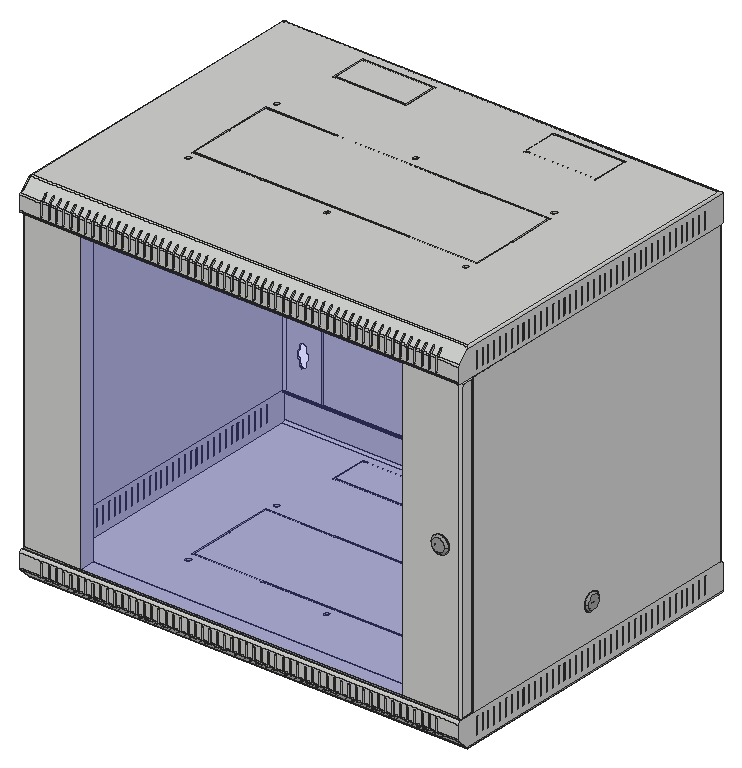
Revit family "600х450", category Обобщенные модели, Revit 2019 (continued)
Definition of nested family "Крышка 450"
  Forms (mm)
    Extrusion 88, void, detail levels medium+fine
      sketch origin (-92.566, 67.262, 0) x (1, 0, 0) y (0, 1, 0)
        loop
          arc (34.066, 172.333) -> (32.566, 173.833) -> (31.066, 172.333) r 1.5
      from 440 to 450 <- "Глубина"
    Extrusion 89, void, detail levels medium+fine
      sketch origin (-82.566, 67.262, 0) x (1, 0, 0) y (0, 1, 0)
        loop
          line (31.066, 172.333) -> (31.066, 148.933)
          arc (31.066, 148.933) -> (32.566, 147.433) -> (34.066, 148.933) r 1.5
          line (34.066, 148.933) -> (34.066, 172.333)
          arc (34.066, 172.333) -> (32.566, 173.833) -> (31.066, 172.333) r 1.5
      from 440 to 450 <- "Глубина"
    Extrusion 90, void, detail levels medium+fine
      sketch origin (-72.566, 67.262, 0) x (1, 0, 0) y (0, 1, 0)
        loop
          line (31.066, 172.333) -> (31.066, 148.933)
          arc (31.066, 148.933) -> (32.566, 147.433) -> (34.066, 148.933) r 1.5
          line (34.066, 148.933) -> (34.066, 172.333)
          arc (34.066, 172.333) -> (32.566, 173.833) -> (31.066, 172.333) r 1.5
      from 440 to 450 <- "Глубина"
    Extrusion 91, void, detail levels medium+fine
      sketch origin (-62.566, 67.262, 0) x (1, 0, 0) y (0, 1, 0)
        loop
          line (31.066, 172.333) -> (31.066, 148.933)
          arc (31.066, 148.933) -> (32.566, 147.433) -> (34.066, 148.933) r 1.5
          line (34.066, 148.933) -> (34.066, 172.333)
          arc (34.066, 172.333) -> (32.566, 173.833) -> (31.066, 172.333) r 1.5
      from 440 to 450 <- "Глубина"
    Extrusion 92, void, detail levels medium+fine
      sketch origin (-52.566, 67.262, 0) x (1, 0, 0) y (0, 1, 0)
        loop
          line (31.066, 172.333) -> (31.066, 148.933)
          arc (31.066, 148.933) -> (32.566, 147.433) -> (34.066, 148.933) r 1.5
          line (34.066, 148.933) -> (34.066, 172.333)
          arc (34.066, 172.333) -> (32.566, 173.833) -> (31.066, 172.333) r 1.5
      from 440 to 450 <- "Глубина"
    Extrusion 93, void, detail levels medium+fine
      sketch origin (-42.566, 67.262, 0) x (1, 0, 0) y (0, 1, 0)
        loop
          line (31.066, 172.333) -> (31.066, 148.933)
          arc (31.066, 148.933) -> (32.566, 147.433) -> (34.066, 148.933) r 1.5
          line (34.066, 148.933) -> (34.066, 172.333)
          arc (34.066, 172.333) -> (32.566, 173.833) -> (31.066, 172.333) r 1.5
      from 440 to 450 <- "Глубина"
    Extrusion 94, void, detail levels medium+fine
      sketch origin (-32.566, 67.262, 0) x (1, 0, 0) y (0, 1, 0)
        loop
          line (31.066, 172.333) -> (31.066, 148.933)
          arc (31.066, 148.933) -> (32.566, 147.433) -> (34.066, 148.933) r 1.5
          line (34.066, 148.933) -> (34.066, 172.333)
          arc (34.066, 172.333) -> (32.566, 173.833) -> (31.066, 172.333) r 1.5
      from 440 to 450 <- "Глубина"
    Extrusion 95, void, detail levels medium+fine
      sketch origin (-22.566, 67.262, 0) x (1, 0, 0) y (0, 1, 0)
        loop
          line (31.066, 172.333) -> (31.066, 148.933)
          arc (31.066, 148.933) -> (32.566, 147.433) -> (34.066, 148.933) r 1.5
          line (34.066, 148.933) -> (34.066, 172.333)
          arc (34.066, 172.333) -> (32.566, 173.833) -> (31.066, 172.333) r 1.5
      from 440 to 450 <- "Глубина"
    Extrusion 96, void, detail levels medium+fine
      sketch origin (-12.566, 67.262, 0) x (1, 0, 0) y (0, 1, 0)
        loop
          line (31.066, 172.333) -> (31.066, 148.933)
          arc (31.066, 148.933) -> (32.566, 147.433) -> (34.066, 148.933) r 1.5
          line (34.066, 148.933) -> (34.066, 172.333)
          arc (34.066, 172.333) -> (32.566, 173.833) -> (31.066, 172.333) r 1.5
      from 440 to 450 <- "Глубина"
    Extrusion 97, void, detail levels medium+fine
      sketch origin (-2.566, 67.262, 0) x (1, 0, 0) y (0, 1, 0)
        loop
          line (31.066, 172.333) -> (31.066, 148.933)
          arc (31.066, 148.933) -> (32.566, 147.433) -> (34.066, 148.933) r 1.5
          line (34.066, 148.933) -> (34.066, 172.333)
          arc (34.066, 172.333) -> (32.566, 173.833) -> (31.066, 172.333) r 1.5
      from 440 to 450 <- "Глубина"
    Extrusion 98, void, detail levels medium+fine
      sketch origin (7.434, 67.262, 0) x (1, 0, 0) y (0, 1, 0)
        loop
          line (31.066, 172.333) -> (31.066, 148.933)
          arc (31.066, 148.933) -> (32.566, 147.433) -> (34.066, 148.933) r 1.5
          line (34.066, 148.933) -> (34.066, 172.333)
          arc (34.066, 172.333) -> (32.566, 173.833) -> (31.066, 172.333) r 1.5
      from 440 to 450 <- "Глубина"
    Extrusion 99, void, detail levels medium+fine
      sketch origin (17.434, 67.262, 0) x (1, 0, 0) y (0, 1, 0)
        loop
          line (31.066, 172.333) -> (31.066, 148.933)
          arc (31.066, 148.933) -> (32.566, 147.433) -> (34.066, 148.933) r 1.5
          line (34.066, 148.933) -> (34.066, 172.333)
          arc (34.066, 172.333) -> (32.566, 173.833) -> (31.066, 172.333) r 1.5
      from 440 to 450 <- "Глубина"
    Extrusion 100, void, detail levels medium+fine
      sketch origin (27.434, 67.262, 0) x (1, 0, 0) y (0, 1, 0)
        loop
          line (31.066, 172.333) -> (31.066, 148.933)
          arc (31.066, 148.933) -> (32.566, 147.433) -> (34.066, 148.933) r 1.5
          line (34.066, 148.933) -> (34.066, 172.333)
          arc (34.066, 172.333) -> (32.566, 173.833) -> (31.066, 172.333) r 1.5
      from 440 to 450 <- "Глубина"
    Extrusion 101, void, detail levels medium+fine
      sketch origin (37.434, 67.262, 0) x (1, 0, 0) y (0, 1, 0)
        loop
          line (31.066, 172.333) -> (31.066, 148.933)
          arc (31.066, 148.933) -> (32.566, 147.433) -> (34.066, 148.933) r 1.5
          line (34.066, 148.933) -> (34.066, 172.333)
          arc (34.066, 172.333) -> (32.566, 173.833) -> (31.066, 172.333) r 1.5
      from 440 to 450 <- "Глубина"
    Extrusion 102, void, detail levels medium+fine
      sketch origin (47.434, 67.262, 0) x (1, 0, 0) y (0, 1, 0)
        loop
          line (31.066, 172.333) -> (31.066, 148.933)
          arc (31.066, 148.933) -> (32.566, 147.433) -> (34.066, 148.933) r 1.5
          line (34.066, 148.933) -> (34.066, 172.333)
          arc (34.066, 172.333) -> (32.566, 173.833) -> (31.066, 172.333) r 1.5
      from 440 to 450 <- "Глубина"
    Extrusion 103, void, detail levels medium+fine
      sketch origin (57.434, 67.262, 0) x (1, 0, 0) y (0, 1, 0)
        loop
          line (31.066, 172.333) -> (31.066, 148.933)
          arc (31.066, 148.933) -> (32.566, 147.433) -> (34.066, 148.933) r 1.5
          line (34.066, 148.933) -> (34.066, 172.333)
          arc (34.066, 172.333) -> (32.566, 173.833) -> (31.066, 172.333) r 1.5
      from 440 to 450 <- "Глубина"
    Extrusion 104, void, detail levels medium+fine
      sketch origin (67.434, 67.262, 0) x (1, 0, 0) y (0, 1, 0)
        loop
          line (31.066, 172.333) -> (31.066, 148.933)
          arc (31.066, 148.933) -> (32.566, 147.433) -> (34.066, 148.933) r 1.5
          line (34.066, 148.933) -> (34.066, 172.333)
          arc (34.066, 172.333) -> (32.566, 173.833) -> (31.066, 172.333) r 1.5
      from 440 to 450 <- "Глубина"
    Extrusion 105, void, detail levels medium+fine
      sketch origin (77.434, 67.262, 0) x (1, 0, 0) y (0, 1, 0)
        loop
          line (31.066, 172.333) -> (31.066, 148.933)
          arc (31.066, 148.933) -> (32.566, 147.433) -> (34.066, 148.933) r 1.5
          line (34.066, 148.933) -> (34.066, 172.333)
          arc (34.066, 172.333) -> (32.566, 173.833) -> (31.066, 172.333) r 1.5
      from 440 to 450 <- "Глубина"
    Extrusion 106, void, detail levels medium+fine
      sketch origin (87.434, 67.262, 0) x (1, 0, 0) y (0, 1, 0)
        loop
          line (31.066, 172.333) -> (31.066, 148.933)
          arc (31.066, 148.933) -> (32.566, 147.433) -> (34.066, 148.933) r 1.5
          line (34.066, 148.933) -> (34.066, 172.333)
          arc (34.066, 172.333) -> (32.566, 173.833) -> (31.066, 172.333) r 1.5
      from 440 to 450 <- "Глубина"
    Extrusion 107, void, detail levels medium+fine
      sketch origin (97.434, 67.262, 0) x (1, 0, 0) y (0, 1, 0)
        loop
          line (31.066, 172.333) -> (31.066, 148.933)
          arc (31.066, 148.933) -> (32.566, 147.433) -> (34.066, 148.933) r 1.5
          line (34.066, 148.933) -> (34.066, 172.333)
          arc (34.066, 172.333) -> (32.566, 173.833) -> (31.066, 172.333) r 1.5
      from 440 to 450 <- "Глубина"
    Extrusion 108, void, detail levels medium+fine
      sketch origin (107.434, 67.262, 0) x (1, 0, 0) y (0, 1, 0)
        loop
          line (31.066, 172.333) -> (31.066, 148.933)
          arc (31.066, 148.933) -> (32.566, 147.433) -> (34.066, 148.933) r 1.5
          line (34.066, 148.933) -> (34.066, 172.333)
          arc (34.066, 172.333) -> (32.566, 173.833) -> (31.066, 172.333) r 1.5
      from 440 to 450 <- "Глубина"
    Extrusion 109, void, detail levels medium+fine
      sketch origin (117.434, 67.262, 0) x (1, 0, 0) y (0, 1, 0)
        loop
          line (31.066, 172.333) -> (31.066, 148.933)
          arc (31.066, 148.933) -> (32.566, 147.433) -> (34.066, 148.933) r 1.5
          line (34.066, 148.933) -> (34.066, 172.333)
          arc (34.066, 172.333) -> (32.566, 173.833) -> (31.066, 172.333) r 1.5
      from 440 to 450 <- "Глубина"
    Extrusion 110, void, detail levels medium+fine
      sketch origin (127.434, 67.262, 0) x (1, 0, 0) y (0, 1, 0)
        loop
          line (31.066, 172.333) -> (31.066, 148.933)
          arc (31.066, 148.933) -> (32.566, 147.433) -> (34.066, 148.933) r 1.5
          line (34.066, 148.933) -> (34.066, 172.333)
          arc (34.066, 172.333) -> (32.566, 173.833) -> (31.066, 172.333) r 1.5
      from 440 to 450 <- "Глубина"
    Extrusion 111, void, detail levels medium+fine
      sketch origin (137.434, 67.262, 0) x (1, 0, 0) y (0, 1, 0)
        loop
          line (31.066, 172.333) -> (31.066, 148.933)
          arc (31.066, 148.933) -> (32.566, 147.433) -> (34.066, 148.933) r 1.5
          line (34.066, 148.933) -> (34.066, 172.333)
          arc (34.066, 172.333) -> (32.566, 173.833) -> (31.066, 172.333) r 1.5
      from 440 to 450 <- "Глубина"
    Extrusion 112, void, detail levels medium+fine
      sketch origin (147.434, 67.262, 0) x (1, 0, 0) y (0, 1, 0)
        loop
          line (31.066, 172.333) -> (31.066, 148.933)
          arc (31.066, 148.933) -> (32.566, 147.433) -> (34.066, 148.933) r 1.5
          line (34.066, 148.933) -> (34.066, 172.333)
          arc (34.066, 172.333) -> (32.566, 173.833) -> (31.066, 172.333) r 1.5
      from 440 to 450 <- "Глубина"
    Extrusion 113, void, detail levels medium+fine
      sketch origin (157.434, 67.262, 0) x (1, 0, 0) y (0, 1, 0)
        loop
          line (31.066, 172.333) -> (31.066, 148.933)
          arc (31.066, 148.933) -> (32.566, 147.433) -> (34.066, 148.933) r 1.5
          line (34.066, 148.933) -> (34.066, 172.333)
          arc (34.066, 172.333) -> (32.566, 173.833) -> (31.066, 172.333) r 1.5
      from 440 to 450 <- "Глубина"
    Extrusion 114, void, detail levels medium+fine
      sketch origin (167.434, 67.262, 0) x (1, 0, 0) y (0, 1, 0)
        loop
          line (31.066, 172.333) -> (31.066, 148.933)
          arc (31.066, 148.933) -> (32.566, 147.433) -> (34.066, 148.933) r 1.5
          line (34.066, 148.933) -> (34.066, 172.333)
          arc (34.066, 172.333) -> (32.566, 173.833) -> (31.066, 172.333) r 1.5
      from 440 to 450 <- "Глубина"
    Extrusion 115, void, detail levels medium+fine
      sketch origin (177.434, 67.262, 0) x (1, 0, 0) y (0, 1, 0)
        loop
          line (31.066, 172.333) -> (31.066, 148.933)
          arc (31.066, 148.933) -> (32.566, 147.433) -> (34.066, 148.933) r 1.5
          line (34.066, 148.933) -> (34.066, 172.333)
          arc (34.066, 172.333) -> (32.566, 173.833) -> (31.066, 172.333) r 1.5
      from 440 to 450 <- "Глубина"
    Extrusion 116, void, detail levels medium+fine
      sketch origin (187.434, 67.262, 0) x (1, 0, 0) y (0, 1, 0)
        loop
          line (31.066, 172.333) -> (31.066, 148.933)
          arc (31.066, 148.933) -> (32.566, 147.433) -> (34.066, 148.933) r 1.5
          line (34.066, 148.933) -> (34.066, 172.333)
          arc (34.066, 172.333) -> (32.566, 173.833) -> (31.066, 172.333) r 1.5
      from 440 to 450 <- "Глубина"
    Extrusion 117, void, detail levels medium+fine
      sketch origin (197.434, 67.262, 0) x (1, 0, 0) y (0, 1, 0)
        loop
          line (31.066, 172.333) -> (31.066, 148.933)
          arc (31.066, 148.933) -> (32.566, 147.433) -> (34.066, 148.933) r 1.5
          line (34.066, 148.933) -> (34.066, 172.333)
          arc (34.066, 172.333) -> (32.566, 173.833) -> (31.066, 172.333) r 1.5
      from 440 to 450 <- "Глубина"
    Extrusion 118, void, detail levels medium+fine
      sketch origin (207.434, 67.262, 0) x (1, 0, 0) y (0, 1, 0)
        loop
          line (31.066, 172.333) -> (31.066, 148.933)
          arc (31.066, 148.933) -> (32.566, 147.433) -> (34.066, 148.933) r 1.5
          line (34.066, 148.933) -> (34.066, 172.333)
          arc (34.066, 172.333) -> (32.566, 173.833) -> (31.066, 172.333) r 1.5
      from 440 to 450 <- "Глубина"
    Extrusion 119, void, detail levels medium+fine
      sketch origin (217.434, 67.262, 0) x (1, 0, 0) y (0, 1, 0)
        loop
          line (31.066, 172.333) -> (31.066, 148.933)
          arc (31.066, 148.933) -> (32.566, 147.433) -> (34.066, 148.933) r 1.5
          line (34.066, 148.933) -> (34.066, 172.333)
          arc (34.066, 172.333) -> (32.566, 173.833) -> (31.066, 172.333) r 1.5
      from 440 to 450 <- "Глубина"
    Extrusion 120, void, detail levels medium+fine
      sketch origin (227.434, 67.262, 0) x (1, 0, 0) y (0, 1, 0)
        loop
          line (31.066, 172.333) -> (31.066, 148.933)
          arc (31.066, 148.933) -> (32.566, 147.433) -> (34.066, 148.933) r 1.5
          line (34.066, 148.933) -> (34.066, 172.333)
          arc (34.066, 172.333) -> (32.566, 173.833) -> (31.066, 172.333) r 1.5
      from 440 to 450 <- "Глубина"
    Extrusion 121, void, detail levels medium+fine
      sketch origin (237.434, 67.262, 0) x (1, 0, 0) y (0, 1, 0)
        loop
          line (31.066, 172.333) -> (31.066, 148.933)
          arc (31.066, 148.933) -> (32.566, 147.433) -> (34.066, 148.933) r 1.5
          line (34.066, 148.933) -> (34.066, 172.333)
          arc (34.066, 172.333) -> (32.566, 173.833) -> (31.066, 172.333) r 1.5
      from 440 to 450 <- "Глубина"
    Extrusion 122, void, detail levels medium+fine
      sketch origin (0, 0, -154.506) x (0, 1, 0) y (0, 0, -1)
        loop
          arc (238.196, -426.499) -> (239.942, -424.752) -> (238.196, -423.006) r 1.747
          line (238.196, -423.006) -> (216.196, -423.006)
          arc (216.196, -423.006) -> (214.449, -424.752) -> (216.196, -426.499) r 1.747
          line (216.196, -426.499) -> (238.196, -426.499)
      from 299 to 300
    Extrusion 123, void, detail levels medium+fine
      sketch origin (0, 0, -174.506) x (0, 1, 0) y (0, 0, -1)
        loop
          arc (238.196, -426.499) -> (239.942, -424.752) -> (238.196, -423.006) r 1.747
          line (238.196, -423.006) -> (216.196, -423.006)
          arc (216.196, -423.006) -> (214.449, -424.752) -> (216.196, -426.499) r 1.747
          line (216.196, -426.499) -> (238.196, -426.499)
      from 299 to 300
    Extrusion 124, void, detail levels medium+fine
      sketch origin (0, 0, -164.506) x (0, 1, 0) y (0, 0, -1)
        loop
          arc (238.196, -426.499) -> (239.942, -424.752) -> (238.196, -423.006) r 1.747
          line (238.196, -423.006) -> (216.196, -423.006)
          arc (216.196, -423.006) -> (214.449, -424.752) -> (216.196, -426.499) r 1.747
          line (216.196, -426.499) -> (238.196, -426.499)
      from 299 to 300
    Extrusion 125, void, detail levels medium+fine
      sketch origin (0, 0, -184.506) x (0, 1, 0) y (0, 0, -1)
        loop
          arc (238.196, -426.499) -> (239.942, -424.752) -> (238.196, -423.006) r 1.747
          line (238.196, -423.006) -> (216.196, -423.006)
          arc (216.196, -423.006) -> (214.449, -424.752) -> (216.196, -426.499) r 1.747
          line (216.196, -426.499) -> (238.196, -426.499)
      from 299 to 300
    Extrusion 126, void, detail levels medium+fine
      sketch origin (0, 0, -204.506) x (0, 1, 0) y (0, 0, -1)
        loop
          arc (238.196, -426.499) -> (239.942, -424.752) -> (238.196, -423.006) r 1.747
          line (238.196, -423.006) -> (216.196, -423.006)
          arc (216.196, -423.006) -> (214.449, -424.752) -> (216.196, -426.499) r 1.747
          line (216.196, -426.499) -> (238.196, -426.499)
      from 299 to 300
    Extrusion 127, void, detail levels medium+fine
      sketch origin (0, 0, -194.506) x (0, 1, 0) y (0, 0, -1)
        loop
          arc (238.196, -426.499) -> (239.942, -424.752) -> (238.196, -423.006) r 1.747
          line (238.196, -423.006) -> (216.196, -423.006)
          arc (216.196, -423.006) -> (214.449, -424.752) -> (216.196, -426.499) r 1.747
          line (216.196, -426.499) -> (238.196, -426.499)
      from 299 to 300
    Extrusion 128, void, detail levels medium+fine
      sketch origin (0, 0, -214.506) x (0, 1, 0) y (0, 0, -1)
        loop
          arc (238.196, -426.499) -> (239.942, -424.752) -> (238.196, -423.006) r 1.747
          line (238.196, -423.006) -> (216.196, -423.006)
          arc (216.196, -423.006) -> (214.449, -424.752) -> (216.196, -426.499) r 1.747
          line (216.196, -426.499) -> (238.196, -426.499)
      from 299 to 300
    Extrusion 129, void, detail levels medium+fine
      sketch origin (0, 0, -234.506) x (0, 1, 0) y (0, 0, -1)
        loop
          arc (238.196, -426.499) -> (239.942, -424.752) -> (238.196, -423.006) r 1.747
          line (238.196, -423.006) -> (216.196, -423.006)
          arc (216.196, -423.006) -> (214.449, -424.752) -> (216.196, -426.499) r 1.747
          line (216.196, -426.499) -> (238.196, -426.499)
      from 299 to 300
    Extrusion 130, void, detail levels medium+fine
      sketch origin (0, 0, -224.506) x (0, 1, 0) y (0, 0, -1)
        loop
          arc (238.196, -426.499) -> (239.942, -424.752) -> (238.196, -423.006) r 1.747
          line (238.196, -423.006) -> (216.196, -423.006)
          arc (216.196, -423.006) -> (214.449, -424.752) -> (216.196, -426.499) r 1.747
          line (216.196, -426.499) -> (238.196, -426.499)
      from 299 to 300
    Extrusion 131, void, detail levels medium+fine
      sketch origin (0, 0, -244.506) x (0, 1, 0) y (0, 0, -1)
        loop
          arc (238.196, -426.499) -> (239.942, -424.752) -> (238.196, -423.006) r 1.747
          line (238.196, -423.006) -> (216.196, -423.006)
          arc (216.196, -423.006) -> (214.449, -424.752) -> (216.196, -426.499) r 1.747
          line (216.196, -426.499) -> (238.196, -426.499)
      from 299 to 300
    Extrusion 132, void, detail levels medium+fine
      sketch origin (0, 0, -194.506) x (0, 1, 0) y (0, 0, 1)
        loop
          line (238.196, 426.499) -> (216.196, 426.499)
          arc (216.196, 426.499) -> (214.449, 424.752) -> (216.196, 423.006) r 1.747
          line (216.196, 423.006) -> (238.196, 423.006)
          arc (238.196, 423.006) -> (239.942, 424.752) -> (238.196, 426.499) r 1.747
      from 299 to 300
    Extrusion 133, void, detail levels medium+fine
      sketch origin (0, 0, -184.506) x (0, 1, 0) y (0, 0, 1)
        loop
          line (238.196, 426.499) -> (216.196, 426.499)
          arc (216.196, 426.499) -> (214.449, 424.752) -> (216.196, 423.006) r 1.747
          line (216.196, 423.006) -> (238.196, 423.006)
          arc (238.196, 423.006) -> (239.942, 424.752) -> (238.196, 426.499) r 1.747
      from 299 to 300
    Extrusion 134, void, detail levels medium+fine
      sketch origin (0, 0, -174.506) x (0, 1, 0) y (0, 0, 1)
        loop
          line (238.196, 426.499) -> (216.196, 426.499)
          arc (216.196, 426.499) -> (214.449, 424.752) -> (216.196, 423.006) r 1.747
          line (216.196, 423.006) -> (238.196, 423.006)
          arc (238.196, 423.006) -> (239.942, 424.752) -> (238.196, 426.499) r 1.747
      from 299 to 300
    Extrusion 135, void, detail levels medium+fine
      sketch origin (0, 0, -164.506) x (0, 1, 0) y (0, 0, 1)
        loop
          line (238.196, 426.499) -> (216.196, 426.499)
          arc (216.196, 426.499) -> (214.449, 424.752) -> (216.196, 423.006) r 1.747
          line (216.196, 423.006) -> (238.196, 423.006)
          arc (238.196, 423.006) -> (239.942, 424.752) -> (238.196, 426.499) r 1.747
      from 299 to 300
    Extrusion 136, void, detail levels medium+fine
      sketch origin (0, 0, -154.506) x (0, 1, 0) y (0, 0, 1)
        loop
          line (238.196, 426.499) -> (216.196, 426.499)
          arc (216.196, 426.499) -> (214.449, 424.752) -> (216.196, 423.006) r 1.747
          line (216.196, 423.006) -> (238.196, 423.006)
          arc (238.196, 423.006) -> (239.942, 424.752) -> (238.196, 426.499) r 1.747
      from 299 to 300
    Extrusion 137, void, detail levels medium+fine
      sketch origin (0, 0, -244.506) x (0, 1, 0) y (0, 0, 1)
        loop
          line (238.196, 426.499) -> (216.196, 426.499)
          arc (216.196, 426.499) -> (214.449, 424.752) -> (216.196, 423.006) r 1.747
          line (216.196, 423.006) -> (238.196, 423.006)
          arc (238.196, 423.006) -> (239.942, 424.752) -> (238.196, 426.499) r 1.747
      from 299 to 300
    Extrusion 138, void, detail levels medium+fine
      sketch origin (0, 0, -234.506) x (0, 1, 0) y (0, 0, 1)
        loop
          line (238.196, 426.499) -> (216.196, 426.499)
          arc (216.196, 426.499) -> (214.449, 424.752) -> (216.196, 423.006) r 1.747
          line (216.196, 423.006) -> (238.196, 423.006)
          arc (238.196, 423.006) -> (239.942, 424.752) -> (238.196, 426.499) r 1.747
      from 299 to 300
    Extrusion 139, void, detail levels medium+fine
      sketch origin (0, 0, -224.506) x (0, 1, 0) y (0, 0, 1)
        loop
          line (238.196, 426.499) -> (216.196, 426.499)
          arc (216.196, 426.499) -> (214.449, 424.752) -> (216.196, 423.006) r 1.747
          line (216.196, 423.006) -> (238.196, 423.006)
          arc (238.196, 423.006) -> (239.942, 424.752) -> (238.196, 426.499) r 1.747
      from 299 to 300
    Extrusion 140, void, detail levels medium+fine
      sketch origin (0, 0, -214.506) x (0, 1, 0) y (0, 0, 1)
        loop
          line (238.196, 426.499) -> (216.196, 426.499)
          arc (216.196, 426.499) -> (214.449, 424.752) -> (216.196, 423.006) r 1.747
          line (216.196, 423.006) -> (238.196, 423.006)
          arc (238.196, 423.006) -> (239.942, 424.752) -> (238.196, 426.499) r 1.747
      from 299 to 300
    Extrusion 141, void, detail levels medium+fine
      sketch origin (0, 0, -204.506) x (0, 1, 0) y (0, 0, 1)
        loop
          line (238.196, 426.499) -> (216.196, 426.499)
          arc (216.196, 426.499) -> (214.449, 424.752) -> (216.196, 423.006) r 1.747
          line (216.196, 423.006) -> (238.196, 423.006)
          arc (238.196, 423.006) -> (239.942, 424.752) -> (238.196, 426.499) r 1.747
      from 299 to 300
  Cuts and joins
    Extrusion 3, Extrusion 4, Extrusion 5, Extrusion 6, Extrusion 7, Extrusion 8, Extrusion 9, Extrusion 10, Extrusion 11, Extrusion 12, Extrusion 13, Extrusion 14, Extrusion 15, Extrusion 16, Extrusion 17, Extrusion 18, Extrusion 19, Extrusion 20, Extrusion 21, Extrusion 22, Extrusion 23, Extrusion 24, Extrusion 25, Extrusion 26, Extrusion 27, Extrusion 28, Extrusion 29, Extrusion 30, Extrusion 31, Extrusion 32, Extrusion 33, Extrusion 34, Extrusion 35, Extrusion 36, Extrusion 37, Extrusion 38, Extrusion 39, Extrusion 40, Extrusion 41, Extrusion 42, Extrusion 43, Extrusion 44, Extrusion 45, Extrusion 46, Extrusion 47, Extrusion 48, Extrusion 49, Extrusion 50, Extrusion 51, Extrusion 52, Extrusion 53, Extrusion 54, Extrusion 55, Extrusion 56, Extrusion 57, Extrusion 58, Extrusion 59, Extrusion 60, Extrusion 61, Extrusion 62, Extrusion 63, Extrusion 64, Extrusion 65, Extrusion 66, Extrusion 67, Extrusion 68, Extrusion 69, Extrusion 70, Extrusion 71, Extrusion 72, Extrusion 73, Extrusion 74, Extrusion 75, Extrusion 76, Extrusion 77, Extrusion 78, Extrusion 79, Extrusion 80, Extrusion 81, Extrusion 82, Extrusion 83, Extrusion 84, Extrusion 85, Extrusion 86, Extrusion 87, Extrusion 88, Extrusion 89, Extrusion 90, Extrusion 91, Extrusion 92, Extrusion 93, Extrusion 94, Extrusion 95, Extrusion 96, Extrusion 97, Extrusion 98, Extrusion 99, Extrusion 100, Extrusion 101, Extrusion 102, Extrusion 103, Extrusion 104, Extrusion 105, Extrusion 106, Extrusion 107, Extrusion 108, Extrusion 109, Extrusion 110, Extrusion 111, Extrusion 112, Extrusion 113, Extrusion 114, Extrusion 115, Extrusion 116, Extrusion 117, Extrusion 118, Extrusion 119, Extrusion 120, Extrusion 121, Extrusion 122, Extrusion 123, Extrusion 124, Extrusion 125, Extrusion 126, Extrusion 127, Extrusion 128, Extrusion 129, Extrusion 130, Extrusion 131, Extrusion 132, Extrusion 133, Extrusion 134, Extrusion 135, Extrusion 136, Extrusion 137, Extrusion 138, Extrusion 139, Extrusion 140, Extrusion 141 cuts Extrusion 2
  Lines and regions (mm)
    reference lines
      curve 1: line (-1.5, 227.896, 0) -> (1.5, 227.896, 0)
      curve 2: line (299, 0, 0) -> (299, 0, 450)
      curve 3: line (-299, 0, 450) -> (-299, 0, 0)
  Dimensions and locks
    equal spacing: plane 5, plane 3 "По центру (Влево/Вправо)", plane 4
    "Ширина": plane 5 to plane 4
    "Глубина": Extrusion 1 to plane 8
    locked: Extrusion 2 to plane 6 at 40
    aligned and locked: plane 2 to Extrusion 1
    aligned and locked: level to Extrusion 1
    aligned and locked: Extrusion 2 to level
    aligned and locked: Extrusion 2 to plane 8
    aligned and locked: plane 4 to Extrusion 2
    aligned and locked: Extrusion 2 to plane 5
    aligned and locked: Extrusion 7 to plane 6
    aligned and locked: Extrusion 5 to plane 6
    aligned and locked: plane 4 to Extrusion 5
    aligned and locked: Extrusion 4 to plane 6
    aligned and locked: Extrusion 4 to plane 5
    aligned and locked: curve 2 to Extrusion 8
  Automatic sketch dimensions
    curve 1 to curve 1 = 3 mm
    Extrusion 1 sketch curve to Extrusion 1 sketch curve = 2438.4 mm  (x2)
    Extrusion 2 sketch curve to level = 0 mm
    plane 8 to Extrusion 2 sketch curve = 0 mm
    Extrusion 2 sketch curve to plane 6 = 0 mm
    plane 6 to Extrusion 2 sketch curve = 0.879 mm
    level to Extrusion 2 sketch curve = 3 mm  (x2)
    plane 6 to Extrusion 2 sketch curve = 3 mm
    plane 8 to Extrusion 2 sketch curve = 0.879 mm
    plane 6 to Extrusion 2 sketch curve = 16.098 mm
    Extrusion 2 sketch curve to Extrusion 2 sketch curve = 2.121 mm
    Extrusion 2 sketch curve to Extrusion 2 sketch curve = 34 mm
    Extrusion 2 sketch curve to Extrusion 2 sketch curve = 3 mm
    plane 8 to Extrusion 2 sketch curve = 18.22 mm
    plane 5 to Extrusion 3 sketch curve = 28.5 mm
    Extrusion 3 sketch curve to Extrusion 3 sketch curve = 1.5 mm
    plane 6 to Extrusion 3 sketch curve = 33.804 mm
    plane 6 to Extrusion 3 sketch curve = 10.404 mm
    Extrusion 4 sketch curve to plane 5 = 0 mm  (x2)
    plane 6 to Extrusion 4 sketch curve = 0 mm  (x2)
    plane 5 to Extrusion 4 sketch curve = 3.029 mm
    Extrusion 4 sketch curve to Extrusion 4 sketch curve = 0 mm  (x2)
    Extrusion 5 sketch curve to plane 4 = 0 mm  (x2)
    plane 6 to Extrusion 5 sketch curve = 0 mm  (x2)
    plane 4 to Extrusion 5 sketch curve = 3.029 mm
    Extrusion 5 sketch curve to Extrusion 5 sketch curve = 0 mm  (x2)
    curve 1 to plane 3 "По центру (Влево/Вправо)" = 1.5 mm
    plane 3 "По центру (Влево/Вправо)" to curve 1 = 1.5 mm
    plane 6 to curve 1 = 22.104 mm
    plane 6 to Extrusion 6 sketch curve = 33.804 mm
    plane 6 to Extrusion 6 sketch curve = 11.804 mm
    level to Extrusion 6 sketch curve = 28.5 mm
    Extrusion 6 sketch curve to Extrusion 6 sketch curve = 1.747 mm
    Extrusion 7 sketch curve to plane 3 "По центру (Влево/Вправо)" = 0 mm  (x2)
    Extrusion 7 sketch curve to plane 3 "По центру (Влево/Вправо)" = 80 mm
    Extrusion 7 sketch curve to Extrusion 7 sketch curve = 2 mm  (x16)
    Extrusion 7 sketch curve to Extrusion 7 sketch curve = 1 mm  (x10)
    Extrusion 7 sketch curve to plane 3 "По центру (Влево/Вправо)" = 100 mm  (x2)
    Extrusion 7 sketch curve to Extrusion 7 sketch curve = 94 mm  (x2)
    level to Extrusion 7 sketch curve = 15 mm  (x2)
    Extrusion 7 sketch curve to Extrusion 7 sketch curve = 0 mm  (x17)
    Extrusion 7 sketch curve to Extrusion 7 sketch curve = 9.7 mm  (x2)
    Extrusion 7 sketch curve to Extrusion 7 sketch curve = 88.7 mm  (x2)
    Extrusion 7 sketch curve to Extrusion 7 sketch curve = 3.3 mm  (x3)
    plane 3 "По центру (Влево/Вправо)" to Extrusion 7 sketch curve = 80 mm
    plane 3 "По центру (Влево/Вправо)" to Extrusion 7 sketch curve = 100 mm  (x2)
    Extrusion 7 sketch curve to Extrusion 7 sketch curve = 46 mm  (x2)
    Extrusion 7 sketch curve to Extrusion 7 sketch curve = 84.518 mm  (x3)
    Extrusion 7 sketch curve to Extrusion 7 sketch curve = 12.5 mm  (x5)
    Extrusion 7 sketch curve to Extrusion 7 sketch curve = 60 mm  (x4)
    plane 8 to Extrusion 8 sketch curve = 3.875 mm
    plane 6 to Extrusion 8 sketch curve = 40 mm
    Extrusion 8 sketch curve to Extrusion 8 sketch curve = 0.847 mm  (x2)
    level to Extrusion 8 sketch curve = 0.911 mm
    Extrusion 8 sketch curve to Extrusion 8 sketch curve = 3 mm  (x2)
    Extrusion 8 sketch curve to Extrusion 8 sketch curve = 17.812 mm
    plane 8 to Extrusion 8 sketch curve = 1.753 mm
    Extrusion 8 sketch curve to Extrusion 8 sketch curve = 2.121 mm
    plane 6 to Extrusion 8 sketch curve = 4 mm
    plane 6 to Extrusion 8 sketch curve = 3.997 mm
    plane 6 to Extrusion 8 sketch curve = 1.878 mm
    plane 6 to Extrusion 8 sketch curve = 1 mm
    plane 8 to Extrusion 8 sketch curve = 18.215 mm
    curve 3 to plane 8 = 0 mm
    curve 3 to level = 0 mm
    curve 2 to plane 8 = 0 mm
    curve 2 to level = 0 mm
    plane 5 to curve 3 = 1 mm
    curve 2 to plane 4 = 1 mm
    plane 6 to Extrusion 9 sketch curve = 33.804 mm
    plane 6 to Extrusion 9 sketch curve = 11.804 mm
    level to Extrusion 9 sketch curve = 38.5 mm
    Extrusion 9 sketch curve to Extrusion 9 sketch curve = 1.747 mm
    plane 6 to Extrusion 10 sketch curve = 33.804 mm
    plane 6 to Extrusion 10 sketch curve = 11.804 mm
    level to Extrusion 10 sketch curve = 48.5 mm
    Extrusion 10 sketch curve to Extrusion 10 sketch curve = 1.747 mm
    plane 6 to Extrusion 11 sketch curve = 33.804 mm
    plane 6 to Extrusion 11 sketch curve = 11.804 mm
    level to Extrusion 11 sketch curve = 58.5 mm
    Extrusion 11 sketch curve to Extrusion 11 sketch curve = 1.747 mm
    plane 6 to Extrusion 12 sketch curve = 33.804 mm
    plane 6 to Extrusion 12 sketch curve = 11.804 mm
    level to Extrusion 12 sketch curve = 68.5 mm
    Extrusion 12 sketch curve to Extrusion 12 sketch curve = 1.747 mm
    plane 6 to Extrusion 13 sketch curve = 33.804 mm
    plane 6 to Extrusion 13 sketch curve = 11.804 mm
    level to Extrusion 13 sketch curve = 78.5 mm
    Extrusion 13 sketch curve to Extrusion 13 sketch curve = 1.747 mm
    plane 6 to Extrusion 14 sketch curve = 33.804 mm
    plane 6 to Extrusion 14 sketch curve = 11.804 mm
    level to Extrusion 14 sketch curve = 88.5 mm
    Extrusion 14 sketch curve to Extrusion 14 sketch curve = 1.747 mm
    plane 6 to Extrusion 15 sketch curve = 33.804 mm
    plane 6 to Extrusion 15 sketch curve = 11.804 mm
    level to Extrusion 15 sketch curve = 98.5 mm
    Extrusion 15 sketch curve to Extrusion 15 sketch curve = 1.747 mm
    plane 6 to Extrusion 16 sketch curve = 33.804 mm
    plane 6 to Extrusion 16 sketch curve = 11.804 mm
    level to Extrusion 16 sketch curve = 108.5 mm
    Extrusion 16 sketch curve to Extrusion 16 sketch curve = 1.747 mm
    plane 6 to Extrusion 17 sketch curve = 33.804 mm
    plane 6 to Extrusion 17 sketch curve = 11.804 mm
    level to Extrusion 17 sketch curve = 118.5 mm
    Extrusion 17 sketch curve to Extrusion 17 sketch curve = 1.747 mm
    plane 6 to Extrusion 18 sketch curve = 33.804 mm
    plane 6 to Extrusion 18 sketch curve = 11.804 mm
    level to Extrusion 18 sketch curve = 128.5 mm
    Extrusion 18 sketch curve to Extrusion 18 sketch curve = 1.747 mm
    plane 6 to Extrusion 19 sketch curve = 33.804 mm
    plane 6 to Extrusion 19 sketch curve = 11.804 mm
    level to Extrusion 19 sketch curve = 138.5 mm
    Extrusion 19 sketch curve to Extrusion 19 sketch curve = 1.747 mm
    plane 6 to Extrusion 20 sketch curve = 33.804 mm
    plane 6 to Extrusion 20 sketch curve = 11.804 mm
    level to Extrusion 20 sketch curve = 148.5 mm
    Extrusion 20 sketch curve to Extrusion 20 sketch curve = 1.747 mm
    plane 6 to Extrusion 21 sketch curve = 33.804 mm
    plane 6 to Extrusion 21 sketch curve = 11.804 mm
    level to Extrusion 21 sketch curve = 158.5 mm
    Extrusion 21 sketch curve to Extrusion 21 sketch curve = 1.747 mm
    plane 6 to Extrusion 22 sketch curve = 33.804 mm
    plane 6 to Extrusion 22 sketch curve = 11.804 mm
    level to Extrusion 22 sketch curve = 168.5 mm
    Extrusion 22 sketch curve to Extrusion 22 sketch curve = 1.747 mm
    plane 6 to Extrusion 23 sketch curve = 33.804 mm
    plane 6 to Extrusion 23 sketch curve = 11.804 mm
    plane 8 to Extrusion 23 sketch curve = 171.5 mm
    Extrusion 23 sketch curve to Extrusion 23 sketch curve = 1.747 mm
    plane 6 to Extrusion 24 sketch curve = 33.804 mm
    plane 6 to Extrusion 24 sketch curve = 11.804 mm
    plane 8 to Extrusion 24 sketch curve = 161.5 mm
    Extrusion 24 sketch curve to Extrusion 24 sketch curve = 1.747 mm
    plane 6 to Extrusion 25 sketch curve = 33.804 mm
    plane 6 to Extrusion 25 sketch curve = 11.804 mm
    plane 8 to Extrusion 25 sketch curve = 151.5 mm
    Extrusion 25 sketch curve to Extrusion 25 sketch curve = 1.747 mm
    plane 6 to Extrusion 26 sketch curve = 33.804 mm
    plane 6 to Extrusion 26 sketch curve = 11.804 mm
    plane 8 to Extrusion 26 sketch curve = 141.5 mm
    Extrusion 26 sketch curve to Extrusion 26 sketch curve = 1.747 mm
    plane 6 to Extrusion 27 sketch curve = 33.804 mm
    plane 6 to Extrusion 27 sketch curve = 11.804 mm
    plane 8 to Extrusion 27 sketch curve = 131.5 mm
    Extrusion 27 sketch curve to Extrusion 27 sketch curve = 1.747 mm
    plane 6 to Extrusion 28 sketch curve = 33.804 mm
    plane 6 to Extrusion 28 sketch curve = 11.804 mm
    plane 8 to Extrusion 28 sketch curve = 121.5 mm
    Extrusion 28 sketch curve to Extrusion 28 sketch curve = 1.747 mm
    plane 6 to Extrusion 29 sketch curve = 33.804 mm
    plane 6 to Extrusion 29 sketch curve = 11.804 mm
    plane 8 to Extrusion 29 sketch curve = 111.5 mm
    Extrusion 29 sketch curve to Extrusion 29 sketch curve = 1.747 mm
    plane 6 to Extrusion 30 sketch curve = 33.804 mm
    plane 6 to Extrusion 30 sketch curve = 11.804 mm
    plane 8 to Extrusion 30 sketch curve = 101.5 mm
    Extrusion 30 sketch curve to Extrusion 30 sketch curve = 1.747 mm
    plane 6 to Extrusion 31 sketch curve = 33.804 mm
    plane 6 to Extrusion 31 sketch curve = 11.804 mm
    plane 8 to Extrusion 31 sketch curve = 91.5 mm
    Extrusion 31 sketch curve to Extrusion 31 sketch curve = 1.747 mm
    plane 6 to Extrusion 32 sketch curve = 33.804 mm
    plane 6 to Extrusion 32 sketch curve = 11.804 mm
    plane 8 to Extrusion 32 sketch curve = 81.5 mm
    Extrusion 32 sketch curve to Extrusion 32 sketch curve = 1.747 mm
    plane 6 to Extrusion 33 sketch curve = 33.804 mm
    plane 6 to Extrusion 33 sketch curve = 11.804 mm
    plane 8 to Extrusion 33 sketch curve = 71.5 mm
    Extrusion 33 sketch curve to Extrusion 33 sketch curve = 1.747 mm
    plane 6 to Extrusion 34 sketch curve = 33.804 mm
    plane 6 to Extrusion 34 sketch curve = 11.804 mm
    plane 8 to Extrusion 34 sketch curve = 61.5 mm
    Extrusion 34 sketch curve to Extrusion 34 sketch curve = 1.747 mm
    plane 6 to Extrusion 35 sketch curve = 33.804 mm
    plane 6 to Extrusion 35 sketch curve = 11.804 mm
    plane 8 to Extrusion 35 sketch curve = 51.5 mm
    Extrusion 35 sketch curve to Extrusion 35 sketch curve = 1.747 mm
    plane 6 to Extrusion 36 sketch curve = 33.804 mm
    plane 6 to Extrusion 36 sketch curve = 11.804 mm
    plane 8 to Extrusion 36 sketch curve = 41.5 mm
    Extrusion 36 sketch curve to Extrusion 36 sketch curve = 1.747 mm
    plane 6 to Extrusion 37 sketch curve = 33.804 mm
    plane 6 to Extrusion 37 sketch curve = 11.804 mm
    plane 8 to Extrusion 37 sketch curve = 31.5 mm
    Extrusion 37 sketch curve to Extrusion 37 sketch curve = 1.747 mm
    plane 6 to Extrusion 38 sketch curve = 33.804 mm
    plane 6 to Extrusion 38 sketch curve = 11.804 mm
    plane 8 to Extrusion 38 sketch curve = 118.007 mm
    Extrusion 38 sketch curve to Extrusion 38 sketch curve = 1.747 mm
    plane 6 to Extrusion 39 sketch curve = 33.804 mm
    plane 6 to Extrusion 39 sketch curve = 11.804 mm
    plane 8 to Extrusion 39 sketch curve = 108.007 mm
    Extrusion 39 sketch curve to Extrusion 39 sketch curve = 1.747 mm
    plane 6 to Extrusion 40 sketch curve = 33.804 mm
    plane 6 to Extrusion 40 sketch curve = 11.804 mm
    plane 8 to Extrusion 40 sketch curve = 98.007 mm
    Extrusion 40 sketch curve to Extrusion 40 sketch curve = 1.747 mm
    plane 6 to Extrusion 41 sketch curve = 33.804 mm
    plane 6 to Extrusion 41 sketch curve = 11.804 mm
    plane 8 to Extrusion 41 sketch curve = 88.007 mm
    Extrusion 41 sketch curve to Extrusion 41 sketch curve = 1.747 mm
    plane 6 to Extrusion 42 sketch curve = 33.804 mm
    plane 6 to Extrusion 42 sketch curve = 11.804 mm
    plane 8 to Extrusion 42 sketch curve = 78.007 mm
    Extrusion 42 sketch curve to Extrusion 42 sketch curve = 1.747 mm
    plane 6 to Extrusion 43 sketch curve = 33.804 mm
    plane 6 to Extrusion 43 sketch curve = 11.804 mm
    plane 8 to Extrusion 43 sketch curve = 68.007 mm
    Extrusion 43 sketch curve to Extrusion 43 sketch curve = 1.747 mm
    plane 6 to Extrusion 44 sketch curve = 33.804 mm
    plane 6 to Extrusion 44 sketch curve = 11.804 mm
    plane 8 to Extrusion 44 sketch curve = 58.007 mm
    Extrusion 44 sketch curve to Extrusion 44 sketch curve = 1.747 mm
    plane 6 to Extrusion 45 sketch curve = 33.804 mm
    plane 6 to Extrusion 45 sketch curve = 11.804 mm
    plane 8 to Extrusion 45 sketch curve = 48.007 mm
    Extrusion 45 sketch curve to Extrusion 45 sketch curve = 1.747 mm
    plane 6 to Extrusion 46 sketch curve = 33.804 mm
    plane 6 to Extrusion 46 sketch curve = 11.804 mm
    plane 8 to Extrusion 46 sketch curve = 38.007 mm
    Extrusion 46 sketch curve to Extrusion 46 sketch curve = 1.747 mm
    plane 6 to Extrusion 47 sketch curve = 33.804 mm
    plane 6 to Extrusion 47 sketch curve = 11.804 mm
    plane 8 to Extrusion 47 sketch curve = 28.007 mm
    Extrusion 47 sketch curve to Extrusion 47 sketch curve = 1.747 mm
    plane 6 to Extrusion 48 sketch curve = 33.804 mm
    plane 6 to Extrusion 48 sketch curve = 11.804 mm
    plane 8 to Extrusion 48 sketch curve = 168.007 mm
    Extrusion 48 sketch curve to Extrusion 48 sketch curve = 1.747 mm
    plane 6 to Extrusion 49 sketch curve = 33.804 mm
    plane 6 to Extrusion 49 sketch curve = 11.804 mm
    plane 8 to Extrusion 49 sketch curve = 158.007 mm
    Extrusion 49 sketch curve to Extrusion 49 sketch curve = 1.747 mm
    plane 6 to Extrusion 50 sketch curve = 33.804 mm
    plane 6 to Extrusion 50 sketch curve = 11.804 mm
    plane 8 to Extrusion 50 sketch curve = 148.007 mm
    Extrusion 50 sketch curve to Extrusion 50 sketch curve = 1.747 mm
    plane 6 to Extrusion 51 sketch curve = 33.804 mm
    plane 6 to Extrusion 51 sketch curve = 11.804 mm
    plane 8 to Extrusion 51 sketch curve = 138.007 mm
    Extrusion 51 sketch curve to Extrusion 51 sketch curve = 1.747 mm
    plane 6 to Extrusion 52 sketch curve = 33.804 mm
    plane 6 to Extrusion 52 sketch curve = 11.804 mm
    plane 8 to Extrusion 52 sketch curve = 128.007 mm
    Extrusion 52 sketch curve to Extrusion 52 sketch curve = 1.747 mm
    plane 6 to Extrusion 53 sketch curve = 33.804 mm
    plane 6 to Extrusion 53 sketch curve = 11.804 mm
    level to Extrusion 53 sketch curve = 131.993 mm
    Extrusion 53 sketch curve to Extrusion 53 sketch curve = 1.747 mm
    plane 6 to Extrusion 54 sketch curve = 33.804 mm
    plane 6 to Extrusion 54 sketch curve = 11.804 mm
    level to Extrusion 54 sketch curve = 141.993 mm
    Extrusion 54 sketch curve to Extrusion 54 sketch curve = 1.747 mm
    plane 6 to Extrusion 55 sketch curve = 33.804 mm
    plane 6 to Extrusion 55 sketch curve = 11.804 mm
    level to Extrusion 55 sketch curve = 151.993 mm
    Extrusion 55 sketch curve to Extrusion 55 sketch curve = 1.747 mm
    plane 6 to Extrusion 56 sketch curve = 33.804 mm
    plane 6 to Extrusion 56 sketch curve = 11.804 mm
    level to Extrusion 56 sketch curve = 161.993 mm
    Extrusion 56 sketch curve to Extrusion 56 sketch curve = 1.747 mm
    plane 6 to Extrusion 57 sketch curve = 33.804 mm
    plane 6 to Extrusion 57 sketch curve = 11.804 mm
    level to Extrusion 57 sketch curve = 171.993 mm
    Extrusion 57 sketch curve to Extrusion 57 sketch curve = 1.747 mm
    plane 6 to Extrusion 58 sketch curve = 33.804 mm
    plane 6 to Extrusion 58 sketch curve = 11.804 mm
    level to Extrusion 58 sketch curve = 81.993 mm
    Extrusion 58 sketch curve to Extrusion 58 sketch curve = 1.747 mm
    plane 6 to Extrusion 59 sketch curve = 33.804 mm
    plane 6 to Extrusion 59 sketch curve = 11.804 mm
    level to Extrusion 59 sketch curve = 91.993 mm
    Extrusion 59 sketch curve to Extrusion 59 sketch curve = 1.747 mm
    plane 6 to Extrusion 60 sketch curve = 33.804 mm
    plane 6 to Extrusion 60 sketch curve = 11.804 mm
    level to Extrusion 60 sketch curve = 101.993 mm
    Extrusion 60 sketch curve to Extrusion 60 sketch curve = 1.747 mm
    plane 6 to Extrusion 61 sketch curve = 33.804 mm
    plane 6 to Extrusion 61 sketch curve = 11.804 mm
    level to Extrusion 61 sketch curve = 111.993 mm
    Extrusion 61 sketch curve to Extrusion 61 sketch curve = 1.747 mm
    plane 6 to Extrusion 62 sketch curve = 33.804 mm
    plane 6 to Extrusion 62 sketch curve = 11.804 mm
    level to Extrusion 62 sketch curve = 121.993 mm
    Extrusion 62 sketch curve to Extrusion 62 sketch curve = 1.747 mm
    plane 6 to Extrusion 63 sketch curve = 33.804 mm
    plane 6 to Extrusion 63 sketch curve = 11.804 mm
    level to Extrusion 63 sketch curve = 31.993 mm
    Extrusion 63 sketch curve to Extrusion 63 sketch curve = 1.747 mm
    plane 6 to Extrusion 64 sketch curve = 33.804 mm
    plane 6 to Extrusion 64 sketch curve = 11.804 mm
    level to Extrusion 64 sketch curve = 41.993 mm
    Extrusion 64 sketch curve to Extrusion 64 sketch curve = 1.747 mm
    plane 6 to Extrusion 65 sketch curve = 33.804 mm
    plane 6 to Extrusion 65 sketch curve = 11.804 mm
    level to Extrusion 65 sketch curve = 51.993 mm
    Extrusion 65 sketch curve to Extrusion 65 sketch curve = 1.747 mm
    plane 6 to Extrusion 66 sketch curve = 33.804 mm
    plane 6 to Extrusion 66 sketch curve = 11.804 mm
    level to Extrusion 66 sketch curve = 61.993 mm
    Extrusion 66 sketch curve to Extrusion 66 sketch curve = 1.747 mm
    plane 6 to Extrusion 67 sketch curve = 33.804 mm
    plane 6 to Extrusion 67 sketch curve = 11.804 mm
    level to Extrusion 67 sketch curve = 71.993 mm
    Extrusion 67 sketch curve to Extrusion 67 sketch curve = 1.747 mm
    plane 6 to Extrusion 68 sketch curve = 10.404 mm
    plane 5 to Extrusion 68 sketch curve = 38.5 mm
    Extrusion 68 sketch curve to Extrusion 68 sketch curve = 1.5 mm
    Extrusion 68 sketch curve to Extrusion 68 sketch curve = 23.4 mm
    plane 6 to Extrusion 69 sketch curve = 10.404 mm
    plane 5 to Extrusion 69 sketch curve = 48.5 mm
    Extrusion 69 sketch curve to Extrusion 69 sketch curve = 1.5 mm
    Extrusion 69 sketch curve to Extrusion 69 sketch curve = 23.4 mm
    plane 6 to Extrusion 70 sketch curve = 10.404 mm
    plane 5 to Extrusion 70 sketch curve = 58.5 mm
    Extrusion 70 sketch curve to Extrusion 70 sketch curve = 1.5 mm
    Extrusion 70 sketch curve to Extrusion 70 sketch curve = 23.4 mm
    plane 6 to Extrusion 71 sketch curve = 10.404 mm
    plane 5 to Extrusion 71 sketch curve = 68.5 mm
    Extrusion 71 sketch curve to Extrusion 71 sketch curve = 1.5 mm
    Extrusion 71 sketch curve to Extrusion 71 sketch curve = 23.4 mm
    plane 6 to Extrusion 72 sketch curve = 10.404 mm
    plane 5 to Extrusion 72 sketch curve = 78.5 mm
    Extrusion 72 sketch curve to Extrusion 72 sketch curve = 1.5 mm
    Extrusion 72 sketch curve to Extrusion 72 sketch curve = 23.4 mm
    plane 6 to Extrusion 73 sketch curve = 10.404 mm
    plane 5 to Extrusion 73 sketch curve = 88.5 mm
    Extrusion 73 sketch curve to Extrusion 73 sketch curve = 1.5 mm
    Extrusion 73 sketch curve to Extrusion 73 sketch curve = 23.4 mm
    plane 6 to Extrusion 74 sketch curve = 10.404 mm
    plane 5 to Extrusion 74 sketch curve = 98.5 mm
    Extrusion 74 sketch curve to Extrusion 74 sketch curve = 1.5 mm
    Extrusion 74 sketch curve to Extrusion 74 sketch curve = 23.4 mm
    plane 6 to Extrusion 75 sketch curve = 10.404 mm
    plane 5 to Extrusion 75 sketch curve = 108.5 mm
    Extrusion 75 sketch curve to Extrusion 75 sketch curve = 1.5 mm
    Extrusion 75 sketch curve to Extrusion 75 sketch curve = 23.4 mm
    plane 6 to Extrusion 76 sketch curve = 10.404 mm
    plane 5 to Extrusion 76 sketch curve = 118.5 mm
    Extrusion 76 sketch curve to Extrusion 76 sketch curve = 1.5 mm
    Extrusion 76 sketch curve to Extrusion 76 sketch curve = 23.4 mm
    plane 6 to Extrusion 77 sketch curve = 10.404 mm
    plane 5 to Extrusion 77 sketch curve = 128.5 mm
    Extrusion 77 sketch curve to Extrusion 77 sketch curve = 1.5 mm
    Extrusion 77 sketch curve to Extrusion 77 sketch curve = 23.4 mm
    plane 6 to Extrusion 78 sketch curve = 10.404 mm
    plane 5 to Extrusion 78 sketch curve = 138.5 mm
    Extrusion 78 sketch curve to Extrusion 78 sketch curve = 1.5 mm
    Extrusion 78 sketch curve to Extrusion 78 sketch curve = 23.4 mm
    plane 6 to Extrusion 79 sketch curve = 10.404 mm
    plane 5 to Extrusion 79 sketch curve = 148.5 mm
    Extrusion 79 sketch curve to Extrusion 79 sketch curve = 1.5 mm
    Extrusion 79 sketch curve to Extrusion 79 sketch curve = 23.4 mm
    plane 6 to Extrusion 80 sketch curve = 10.404 mm
    Extrusion 80 sketch curve to plane 3 "По центру (Влево/Вправо)" = 141.5 mm
    Extrusion 80 sketch curve to Extrusion 80 sketch curve = 1.5 mm
    Extrusion 80 sketch curve to Extrusion 80 sketch curve = 23.4 mm
    plane 6 to Extrusion 81 sketch curve = 10.404 mm
    Extrusion 81 sketch curve to plane 3 "По центру (Влево/Вправо)" = 131.5 mm
    Extrusion 81 sketch curve to Extrusion 81 sketch curve = 1.5 mm
    Extrusion 81 sketch curve to Extrusion 81 sketch curve = 23.4 mm
    plane 6 to Extrusion 82 sketch curve = 10.404 mm
    Extrusion 82 sketch curve to plane 3 "По центру (Влево/Вправо)" = 121.5 mm
    Extrusion 82 sketch curve to Extrusion 82 sketch curve = 1.5 mm
    Extrusion 82 sketch curve to Extrusion 82 sketch curve = 23.4 mm
    plane 6 to Extrusion 83 sketch curve = 10.404 mm
    Extrusion 83 sketch curve to plane 3 "По центру (Влево/Вправо)" = 111.5 mm
    Extrusion 83 sketch curve to Extrusion 83 sketch curve = 1.5 mm
    Extrusion 83 sketch curve to Extrusion 83 sketch curve = 23.4 mm
    plane 6 to Extrusion 84 sketch curve = 10.404 mm
    Extrusion 84 sketch curve to plane 3 "По центру (Влево/Вправо)" = 101.5 mm
    Extrusion 84 sketch curve to Extrusion 84 sketch curve = 1.5 mm
    Extrusion 84 sketch curve to Extrusion 84 sketch curve = 23.4 mm
    plane 6 to Extrusion 85 sketch curve = 10.404 mm
    Extrusion 85 sketch curve to plane 3 "По центру (Влево/Вправо)" = 91.5 mm
    Extrusion 85 sketch curve to Extrusion 85 sketch curve = 1.5 mm
    Extrusion 85 sketch curve to Extrusion 85 sketch curve = 23.4 mm
    plane 6 to Extrusion 86 sketch curve = 10.404 mm
    Extrusion 86 sketch curve to plane 3 "По центру (Влево/Вправо)" = 81.5 mm
    Extrusion 86 sketch curve to Extrusion 86 sketch curve = 1.5 mm
    Extrusion 86 sketch curve to Extrusion 86 sketch curve = 23.4 mm
    plane 6 to Extrusion 87 sketch curve = 10.404 mm
    Extrusion 87 sketch curve to plane 3 "По центру (Влево/Вправо)" = 71.5 mm
    Extrusion 87 sketch curve to Extrusion 87 sketch curve = 1.5 mm
    Extrusion 87 sketch curve to Extrusion 87 sketch curve = 23.4 mm
    plane 6 to Extrusion 88 sketch curve = 10.404 mm
    Extrusion 88 sketch curve to plane 3 "По центру (Влево/Вправо)" = 61.5 mm
    Extrusion 88 sketch curve to Extrusion 88 sketch curve = 1.5 mm
    Extrusion 88 sketch curve to Extrusion 88 sketch curve = 23.4 mm
    plane 6 to Extrusion 89 sketch curve = 10.404 mm
    Extrusion 89 sketch curve to plane 3 "По центру (Влево/Вправо)" = 51.5 mm
    Extrusion 89 sketch curve to Extrusion 89 sketch curve = 1.5 mm
    Extrusion 89 sketch curve to Extrusion 89 sketch curve = 23.4 mm
    plane 6 to Extrusion 90 sketch curve = 10.404 mm
    Extrusion 90 sketch curve to plane 3 "По центру (Влево/Вправо)" = 41.5 mm
    Extrusion 90 sketch curve to Extrusion 90 sketch curve = 1.5 mm
    Extrusion 90 sketch curve to Extrusion 90 sketch curve = 23.4 mm
    plane 6 to Extrusion 91 sketch curve = 10.404 mm
    Extrusion 91 sketch curve to plane 3 "По центру (Влево/Вправо)" = 31.5 mm
    Extrusion 91 sketch curve to Extrusion 91 sketch curve = 1.5 mm
    Extrusion 91 sketch curve to Extrusion 91 sketch curve = 23.4 mm
    Extrusion 92 sketch curve to plane 3 "По центру (Влево/Вправо)" = 21.5 mm
    Extrusion 92 sketch curve to Extrusion 92 sketch curve = 1.5 mm
    plane 6 to Extrusion 92 sketch curve = 33.804 mm
    plane 6 to Extrusion 92 sketch curve = 10.404 mm
    Extrusion 93 sketch curve to plane 3 "По центру (Влево/Вправо)" = 11.5 mm
    Extrusion 93 sketch curve to Extrusion 93 sketch curve = 1.5 mm
    plane 6 to Extrusion 93 sketch curve = 33.804 mm
    plane 6 to Extrusion 93 sketch curve = 10.404 mm
    Extrusion 94 sketch curve to plane 3 "По центру (Влево/Вправо)" = 0 mm
    Extrusion 94 sketch curve to Extrusion 94 sketch curve = 1.5 mm
    plane 6 to Extrusion 94 sketch curve = 33.804 mm
    plane 6 to Extrusion 94 sketch curve = 10.404 mm
    plane 3 "По центру (Влево/Вправо)" to Extrusion 95 sketch curve = 8.5 mm
    Extrusion 95 sketch curve to Extrusion 95 sketch curve = 1.5 mm
    plane 6 to Extrusion 95 sketch curve = 33.804 mm
    plane 6 to Extrusion 95 sketch curve = 10.404 mm
    plane 3 "По центру (Влево/Вправо)" to Extrusion 96 sketch curve = 18.5 mm
    Extrusion 96 sketch curve to Extrusion 96 sketch curve = 1.5 mm
    plane 6 to Extrusion 96 sketch curve = 33.804 mm
    plane 6 to Extrusion 96 sketch curve = 10.404 mm
    plane 3 "По центру (Влево/Вправо)" to Extrusion 97 sketch curve = 28.5 mm
    Extrusion 97 sketch curve to Extrusion 97 sketch curve = 1.5 mm
    plane 6 to Extrusion 97 sketch curve = 33.804 mm
    plane 6 to Extrusion 97 sketch curve = 10.404 mm
    plane 6 to Extrusion 98 sketch curve = 10.404 mm
    plane 3 "По центру (Влево/Вправо)" to Extrusion 98 sketch curve = 38.5 mm
    Extrusion 98 sketch curve to Extrusion 98 sketch curve = 1.5 mm
    Extrusion 98 sketch curve to Extrusion 98 sketch curve = 23.4 mm
    plane 6 to Extrusion 99 sketch curve = 10.404 mm
    plane 3 "По центру (Влево/Вправо)" to Extrusion 99 sketch curve = 48.5 mm
    Extrusion 99 sketch curve to Extrusion 99 sketch curve = 1.5 mm
    Extrusion 99 sketch curve to Extrusion 99 sketch curve = 23.4 mm
    plane 6 to Extrusion 100 sketch curve = 10.404 mm
    plane 3 "По центру (Влево/Вправо)" to Extrusion 100 sketch curve = 58.5 mm
    Extrusion 100 sketch curve to Extrusion 100 sketch curve = 1.5 mm
    Extrusion 100 sketch curve to Extrusion 100 sketch curve = 23.4 mm
    plane 6 to Extrusion 101 sketch curve = 10.404 mm
    plane 3 "По центру (Влево/Вправо)" to Extrusion 101 sketch curve = 68.5 mm
    Extrusion 101 sketch curve to Extrusion 101 sketch curve = 1.5 mm
    Extrusion 101 sketch curve to Extrusion 101 sketch curve = 23.4 mm
    plane 6 to Extrusion 102 sketch curve = 10.404 mm
    plane 3 "По центру (Влево/Вправо)" to Extrusion 102 sketch curve = 78.5 mm
    Extrusion 102 sketch curve to Extrusion 102 sketch curve = 1.5 mm
    Extrusion 102 sketch curve to Extrusion 102 sketch curve = 23.4 mm
    plane 6 to Extrusion 103 sketch curve = 10.404 mm
    plane 3 "По центру (Влево/Вправо)" to Extrusion 103 sketch curve = 88.5 mm
    Extrusion 103 sketch curve to Extrusion 103 sketch curve = 1.5 mm
    Extrusion 103 sketch curve to Extrusion 103 sketch curve = 23.4 mm
    plane 6 to Extrusion 104 sketch curve = 10.404 mm
    plane 3 "По центру (Влево/Вправо)" to Extrusion 104 sketch curve = 98.5 mm
    Extrusion 104 sketch curve to Extrusion 104 sketch curve = 1.5 mm
    Extrusion 104 sketch curve to Extrusion 104 sketch curve = 23.4 mm
    plane 6 to Extrusion 105 sketch curve = 10.404 mm
    plane 3 "По центру (Влево/Вправо)" to Extrusion 105 sketch curve = 108.5 mm
    Extrusion 105 sketch curve to Extrusion 105 sketch curve = 1.5 mm
    Extrusion 105 sketch curve to Extrusion 105 sketch curve = 23.4 mm
    plane 6 to Extrusion 106 sketch curve = 10.404 mm
    plane 3 "По центру (Влево/Вправо)" to Extrusion 106 sketch curve = 118.5 mm
    Extrusion 106 sketch curve to Extrusion 106 sketch curve = 1.5 mm
    Extrusion 106 sketch curve to Extrusion 106 sketch curve = 23.4 mm
    plane 6 to Extrusion 107 sketch curve = 10.404 mm
    plane 3 "По центру (Влево/Вправо)" to Extrusion 107 sketch curve = 128.5 mm
    Extrusion 107 sketch curve to Extrusion 107 sketch curve = 1.5 mm
    Extrusion 107 sketch curve to Extrusion 107 sketch curve = 23.4 mm
    plane 6 to Extrusion 108 sketch curve = 10.404 mm
    plane 3 "По центру (Влево/Вправо)" to Extrusion 108 sketch curve = 138.5 mm
    Extrusion 108 sketch curve to Extrusion 108 sketch curve = 1.5 mm
    Extrusion 108 sketch curve to Extrusion 108 sketch curve = 23.4 mm
    plane 6 to Extrusion 109 sketch curve = 10.404 mm
    plane 3 "По центру (Влево/Вправо)" to Extrusion 109 sketch curve = 148.5 mm
    Extrusion 109 sketch curve to Extrusion 109 sketch curve = 1.5 mm
    Extrusion 109 sketch curve to Extrusion 109 sketch curve = 23.4 mm
    plane 6 to Extrusion 110 sketch curve = 10.404 mm
    Extrusion 110 sketch curve to plane 4 = 141.5 mm
    Extrusion 110 sketch curve to Extrusion 110 sketch curve = 1.5 mm
    Extrusion 110 sketch curve to Extrusion 110 sketch curve = 23.4 mm
    plane 6 to Extrusion 111 sketch curve = 10.404 mm
    Extrusion 111 sketch curve to plane 4 = 131.5 mm
    Extrusion 111 sketch curve to Extrusion 111 sketch curve = 1.5 mm
    Extrusion 111 sketch curve to Extrusion 111 sketch curve = 23.4 mm
    plane 6 to Extrusion 112 sketch curve = 10.404 mm
    Extrusion 112 sketch curve to plane 4 = 121.5 mm
    Extrusion 112 sketch curve to Extrusion 112 sketch curve = 1.5 mm
    Extrusion 112 sketch curve to Extrusion 112 sketch curve = 23.4 mm
    plane 6 to Extrusion 113 sketch curve = 10.404 mm
    Extrusion 113 sketch curve to plane 4 = 111.5 mm
    Extrusion 113 sketch curve to Extrusion 113 sketch curve = 1.5 mm
    Extrusion 113 sketch curve to Extrusion 113 sketch curve = 23.4 mm
    plane 6 to Extrusion 114 sketch curve = 10.404 mm
    Extrusion 114 sketch curve to plane 4 = 101.5 mm
    Extrusion 114 sketch curve to Extrusion 114 sketch curve = 1.5 mm
    Extrusion 114 sketch curve to Extrusion 114 sketch curve = 23.4 mm
    plane 6 to Extrusion 115 sketch curve = 10.404 mm
    Extrusion 115 sketch curve to plane 4 = 91.5 mm
    Extrusion 115 sketch curve to Extrusion 115 sketch curve = 1.5 mm
    Extrusion 115 sketch curve to Extrusion 115 sketch curve = 23.4 mm
    plane 6 to Extrusion 116 sketch curve = 10.404 mm
    Extrusion 116 sketch curve to plane 4 = 81.5 mm
    Extrusion 116 sketch curve to Extrusion 116 sketch curve = 1.5 mm
    Extrusion 116 sketch curve to Extrusion 116 sketch curve = 23.4 mm
    plane 6 to Extrusion 117 sketch curve = 10.404 mm
    Extrusion 117 sketch curve to plane 4 = 71.5 mm
    Extrusion 117 sketch curve to Extrusion 117 sketch curve = 1.5 mm
    Extrusion 117 sketch curve to Extrusion 117 sketch curve = 23.4 mm
    plane 6 to Extrusion 118 sketch curve = 10.404 mm
    Extrusion 118 sketch curve to plane 4 = 61.5 mm
    Extrusion 118 sketch curve to Extrusion 118 sketch curve = 1.5 mm
    Extrusion 118 sketch curve to Extrusion 118 sketch curve = 23.4 mm
    plane 6 to Extrusion 119 sketch curve = 10.404 mm
    Extrusion 119 sketch curve to plane 4 = 51.5 mm
    Extrusion 119 sketch curve to Extrusion 119 sketch curve = 1.5 mm
    Extrusion 119 sketch curve to Extrusion 119 sketch curve = 23.4 mm
    plane 6 to Extrusion 120 sketch curve = 10.404 mm
    Extrusion 120 sketch curve to plane 4 = 41.5 mm
    Extrusion 120 sketch curve to Extrusion 120 sketch curve = 1.5 mm
    Extrusion 120 sketch curve to Extrusion 120 sketch curve = 23.4 mm
    plane 6 to Extrusion 121 sketch curve = 10.404 mm
    Extrusion 121 sketch curve to plane 4 = 31.5 mm
    Extrusion 121 sketch curve to Extrusion 121 sketch curve = 1.5 mm
    Extrusion 121 sketch curve to Extrusion 121 sketch curve = 23.4 mm
    plane 6 to Extrusion 122 sketch curve = 33.804 mm
    plane 6 to Extrusion 122 sketch curve = 11.804 mm
